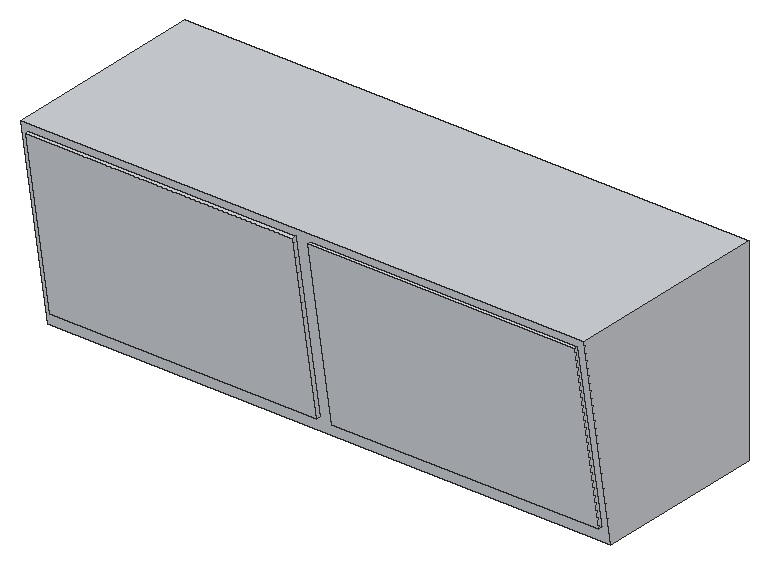
Revit family "Air_Curtain", category Mechanical Equipment, Revit 2019
Family settings
  Round Connector Dimension = Use Diameter
  Part Type = Normal
  Work Plane-Based = No
  Always vertical = Yes
  Cut with Voids When Loaded = No
  Shared = No
  Room Calculation Point = No
Parameters
  Unit Weight [instance] = ""
  Sones [instance] = ""
  Motor RPM [instance] = ""
  Motor Enclosure [instance] = ""
  ModelID [instance] = ""
  LwA [instance] = ""
  Fan RPM [instance] = ""
  Accessories [instance] = ""
  5.5625 = 0' - 5 9/16"
  3" = 0' - 3"  # constant formula
  Brake Hp [instance] = ""
  4" = 0' - 4"  # constant formula
  2' = 2' - 0"
  2" = 0' - 2"  # constant formula
  14" = 1' - 2"
  13.375 = 1' - 1 3/8"
  11.6875 = 0' - 11 11/16"
  1" = 0' - 1"  # constant formula
  0 = 0' - 0"  # constant formula
  Voltage [instance] = 0 V
  URL = "www.lorencook.com"
  Type Comments = "Extruded Relief or Intake Ventilator"  # constant formula
  Static Pressure [instance] = 0.00 in-wg
  Power [instance] = Voltage * Motor FLA * sqrt(if(Phase = 3, 3, 1))  # 0 VA
  Phase [instance] = 0
  Number of Poles [instance] = 1
  Motor Hp [instance] = "0"
  Motor FLA [instance] = 0 A
  Model = "TRE"  # constant formula
  Manufacturer = "Loren Cook Company"
  CFM [instance] = 0 CFM
  1.5 = 0' - 1 1/2"  # constant formula
  HALF = 0' - 0 1/2"
  ONE EIGTH = 0' - 0 1/8"  # constant formula
Reference planes (in)
  plane 1 "Center (Front/Back)": y = 0
  plane 2: z = 0
  plane 3 "Center (Left/Right)": x = 0.40541
Forms (in)
  Extrusion 1, solid
    sketch origin (0.40541, 0, 0) x (0, 1, 0) y (0, 0, 1)
      loop
        line (-11.6875, 0) -> (0, 0) -> (0, 13.375) -> (-14, 13.375) -> (-11.6875, 0)
    from -19.15625 to 19.15625
  Extrusion 2, void
    sketch origin (0.40541, -11, 0) x (0, -1, 0) y (1, 0, 0)
      loop
        line (-10.875, 19.03125) -> (-10.875, -19.03125) -> (-5.3125, -19.03125) -> (-5.3125, 19.03125) -> (-10.875, 19.03125)
    from 0 to 3
  Extrusion 3, solid
    sketch origin (0.40541, -14, 13.375) x (0, 0.170369, -0.98538) y (1, 0, 0)
      loop
        line (0.5, 18.65625) -> (0.5, 0.5) -> (12.57344, 0.5) -> (12.57344, 18.65625) -> (0.5, 18.65625)
      loop
        line (0.5, -0.5) -> (0.5, -18.65625) -> (12.57344, -18.65625) -> (12.57344, -0.5) -> (0.5, -0.5)
    from 0 to 0.25
Cuts and joins
  Extrusion 2 cuts Extrusion 1
Dimensions and locks (in)
  "0": Extrusion 1 sketch curve to plane 1 "Center (Front/Back)"
  "0": Extrusion 1 sketch curve to level
  "13.375": Extrusion 1 sketch curve to Extrusion 1 sketch curve
  "14"": Extrusion 1 sketch curve to Extrusion 1 sketch curve
  "11.6875": Extrusion 1 sketch curve to Extrusion 1 sketch curve
  "ONE EIGTH": Extrusion 2 sketch curve to Extrusion 1
  Extrusion 2 sketch curve to Extrusion 1 = 0' - 0 1/8"
  Extrusion 1 to Extrusion 2 sketch curve = 0' - 0 1/8"
  "5.5625": Extrusion 2 sketch curve to Extrusion 2 sketch curve
  "1"": Extrusion 3 sketch curve to cut or joined group of Extrusion 1, Extrusion 2  (x2)
  "HALF": Extrusion 3 sketch curve to cut or joined group of Extrusion 1, Extrusion 2  (x3)
  "HALF": cut or joined group of Extrusion 1, Extrusion 2 to Extrusion 3 sketch curve
  "ONE EIGTH": Extrusion 2 sketch curve to cut or joined group of Extrusion 1, Extrusion 2
  "ONE EIGTH": cut or joined group of Extrusion 1, Extrusion 2 to Extrusion 2 sketch curve
  "HALF": Extrusion 3 sketch curve to plane 3 "Center (Left/Right)"  (x2)
Connectors (in)
  hvac at (0.40541, -12.84375, 6.6875)
    settings: on cut or joined group of Extrusion 1, Extrusion 2, index 1, duct flow 0 CFM, flow factor 0, pres drop 0.00 in-wg, loss coef 0, conn angle 0.00°, conn width 38 5/16", conn height 13 1/2", conn diameter 24", duct sys type 29, conn prof type 1, flow config 0, flow direction 2, loss method 0, conn ref index -1, conn util no, is conn primary yes, conn desc ""
  hvac at (0.40541, -2.90625, 0)
    settings: on cut or joined group of Extrusion 1, Extrusion 2, index 2, duct flow 0 CFM, flow factor 0, pres drop 0.00 in-wg, loss coef 0, conn angle 0.00°, conn width 38 5/16", conn height 5 9/16", conn diameter 24", duct sys type 29, conn prof type 1, flow config 0, flow direction 1, loss method 0, conn ref index -1, conn util no, is conn primary no, conn desc ""
  electrical at (0.40541, -7, 13.375)
    settings: on cut or joined group of Extrusion 1, Extrusion 2, index 3, voltage 0 V, apparent load 0 VA, apparent load phase1 0 VA, apparent load phase2 0 VA, apparent load phase3 0 VA, power factor 1, load classification "Other", number of poles 1, system type 30, power factor state 1, is connector primary yes, connector utility no, sub classification motor no, connector description ""
